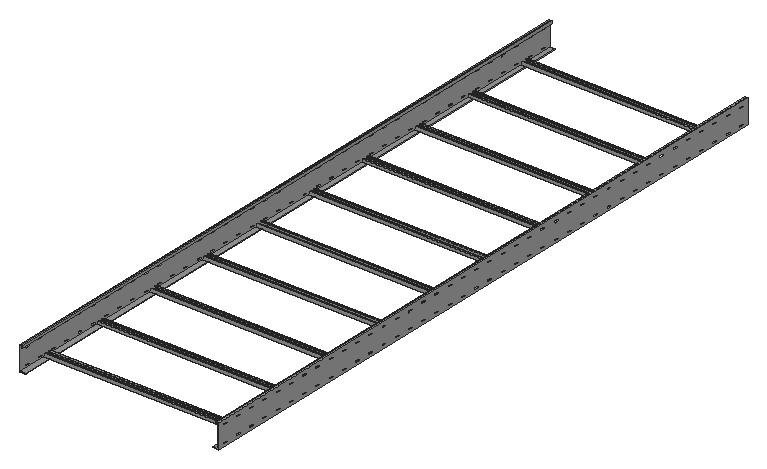
Revit family "Kabelleiter SCLS 1190 3 FTSO", category Generic Models, Revit 2017
Family settings
  Can host rebar = No
  Round Connector Dimension = Use Diameter
  Part Type = Normal
  Work Plane-Based = No
  Always vertical = Yes
  Cut with Voids When Loaded = No
  Shared = No
  Room Calculation Point = No
Parameters (values of type "SLCS 1190 3 FTSO")
  Width = 900 mm
  URL = "http://www.obo-bettermann.com"
  Material = Hot dip galvanised
  Manufacturer Art.No. = "7186414"
  Manufacturer = "OBO BETTERMANN"
  Length = 3000 mm
  GTIN = "4012196696963"
  Cut's number 3 = 10
  Cut's number 2 = 40
  Cut's number = 2
  Article Type = "SLCS 1190 3 FTSO"
Reference planes
  plane 1 "Center (Front/Back)": y = 0
  plane 2: z = 0
  plane 3 "Center (Left/Right)": x = 0
  plane 4: x = 800
  plane 5: x = 800
  plane 6: y = 3000
  plane 7: y = 150
  plane 8: z = 17
  plane 9: y = 135
  plane 10: y = 165
  plane 11: y = 450
  plane 12: z = 17
  plane 13: y = 435
  plane 14: y = 465
  plane 15: y = 750
  plane 16: z = 17
  plane 17: y = 735
  plane 18: y = 765
  plane 19: y = 1050
  plane 20: z = 17
  plane 21: y = 1035
  plane 22: y = 1065
  plane 23: y = 1350
  plane 24: z = 17
  plane 25: y = 1335
  plane 26: y = 1365
  plane 27: y = 1650
  plane 28: z = 17
  plane 29: y = 1635
  plane 30: y = 1665
  plane 31: y = 1950
  plane 32: z = 17
  plane 33: y = 1935
  plane 34: y = 1965
  plane 35: y = 2250
  plane 36: z = 17
  plane 37: y = 2235
  plane 38: y = 2265
  plane 39: y = 2550
  plane 40: z = 17
  plane 41: y = 2535
  plane 42: y = 2565
  plane 43: y = 2850
  plane 44: z = 17
  plane 45: y = 2835
  plane 46: y = 2865
  plane 47: y = 37.5
  plane 48: z = 14
  plane 49: y = 37.5
  plane 50: z = 89
  plane 51: y = 37.5
  plane 52: z = 14
  plane 53: y = 112.5
  plane 54: z = 14
  plane 55: y = 112.5
  plane 56: z = 89
  plane 57: y = 187.5
  plane 58: z = 14
  plane 59: y = 187.5
  plane 60: z = 89
  plane 61: y = 262.5
  plane 62: z = 14
  plane 63: y = 262.5
  plane 64: z = 89
  plane 65: y = 337.5
  plane 66: z = 14
  plane 67: y = 337.5
  plane 68: z = 89
  plane 69: y = 412.5
  plane 70: z = 14
  plane 71: y = 412.5
  plane 72: z = 89
  plane 73: y = 487.5
  plane 74: z = 14
  plane 75: y = 487.5
  plane 76: z = 89
  plane 77: y = 562.5
  plane 78: z = 14
  plane 79: y = 562.5
  plane 80: z = 89
  plane 81: y = 637.5
  plane 82: z = 14
  plane 83: y = 637.5
  plane 84: z = 89
  plane 85: y = 712.5
  plane 86: z = 14
  plane 87: y = 712.5
  plane 88: z = 89
  plane 89: y = 787.5
  plane 90: z = 14
  plane 91: y = 787.5
  plane 92: z = 89
  plane 93: y = 862.5
  plane 94: z = 14
  plane 95: y = 862.5
  plane 96: z = 89
  plane 97: y = 937.5
  plane 98: z = 14
  plane 99: y = 937.5
  plane 100: z = 89
  plane 101: y = 1012.5
  plane 102: z = 14
  plane 103: y = 1012.5
  plane 104: z = 89
  plane 105: y = 1087.5
  plane 106: z = 14
  plane 107: y = 1087.5
  plane 108: z = 89
  plane 109: y = 1162.5
  plane 110: z = 14
  plane 111: y = 1162.5
  plane 112: z = 89
  plane 113: y = 1237.5
  plane 114: z = 14
  plane 115: y = 1237.5
  plane 116: z = 89
  plane 117: y = 1312.5
  plane 118: z = 14
  plane 119: y = 1312.5
  plane 120: z = 89
  plane 121: y = 1387.5
  plane 122: z = 14
  plane 123: y = 1387.5
  plane 124: z = 89
  plane 125: y = 1462.5
  plane 126: z = 14
  plane 127: y = 1462.5
  plane 128: z = 89
  plane 129: y = 1537.5
  plane 130: z = 14
  plane 131: y = 1537.5
  plane 132: z = 89
  plane 133: y = 1612.5
  plane 134: z = 14
  plane 135: y = 1612.5
  plane 136: z = 89
  plane 137: y = 1687.5
  plane 138: z = 14
  plane 139: y = 1687.5
  plane 140: z = 89
  plane 141: y = 1762.5
  plane 142: z = 14
  plane 143: y = 1762.5
  plane 144: z = 89
  plane 145: y = 1837.5
  plane 146: z = 14
  plane 147: y = 1837.5
  plane 148: z = 89
  plane 149: y = 1912.5
  plane 150: z = 14
  plane 151: y = 1912.5
  plane 152: z = 89
  plane 153: y = 1987.5
  plane 154: z = 14
  plane 155: y = 1987.5
  plane 156: z = 89
  plane 157: y = 2062.5
  plane 158: z = 14
  plane 159: y = 2062.5
  plane 160: z = 89
  plane 161: y = 2137.5
  plane 162: z = 14
  plane 163: y = 2137.5
  plane 164: z = 89
  plane 165: y = 2212.5
  plane 166: z = 14
  plane 167: y = 2212.5
  plane 168: z = 89
  plane 169: y = 2287.5
  plane 170: z = 14
  plane 171: y = 2287.5
  plane 172: z = 89
  plane 173: y = 2362.5
  plane 174: z = 14
  plane 175: y = 2362.5
  plane 176: z = 89
  plane 177: y = 2437.5
  plane 178: z = 14
  plane 179: y = 2437.5
  plane 180: z = 89
  plane 181: y = 2512.5
  plane 182: z = 14
  plane 183: y = 2512.5
  plane 184: z = 89
  plane 185: y = 2587.5
  plane 186: z = 14
  plane 187: y = 2587.5
  plane 188: z = 89
  plane 189: y = 2662.5
  plane 190: z = 14
  plane 191: y = 2662.5
  plane 192: z = 89
  plane 193: y = 2737.5
  plane 194: z = 14
  plane 195: y = 2737.5
  plane 196: z = 89
  plane 197: y = 2812.5
  plane 198: z = 14
  plane 199: y = 2812.5
  plane 200: z = 89
  plane 201: y = 2887.5
  plane 202: z = 14
  plane 203: y = 2887.5
  plane 204: z = 89
  plane 205: y = 2962.5
  plane 206: z = 14
  plane 207: y = 2962.5
  plane 208: z = 89
  plane 209: y = 37.5
  plane 210: z = 14
  plane 211: y = 37.5
  plane 212: z = 89
  plane 213: y = 112.5
  plane 214: z = 14
  plane 215: y = 112.5
  plane 216: z = 89
  plane 217: y = 187.5
  plane 218: z = 14
  plane 219: y = 187.5
  plane 220: z = 89
  plane 221: y = 262.5
  plane 222: z = 14
  plane 223: y = 262.5
  plane 224: z = 89
  plane 225: y = 337.5
  plane 226: z = 14
  plane 227: y = 337.5
  plane 228: z = 89
  plane 229: y = 412.5
  plane 230: z = 14
  plane 231: y = 412.5
  plane 232: z = 89
  plane 233: y = 487.5
  plane 234: z = 14
  plane 235: y = 487.5
  plane 236: z = 89
  plane 237: y = 562.5
  plane 238: z = 14
  plane 239: y = 562.5
  plane 240: z = 89
  plane 241: y = 637.5
  plane 242: z = 14
  plane 243: y = 637.5
  plane 244: z = 89
  plane 245: y = 712.5
  plane 246: z = 14
  plane 247: y = 712.5
  plane 248: z = 89
  plane 249: y = 787.5
  plane 250: z = 14
  plane 251: y = 787.5
  plane 252: z = 89
  plane 253: y = 862.5
  plane 254: z = 14
  plane 255: y = 862.5
  plane 256: z = 89
  plane 257: y = 937.5
  plane 258: z = 14
  plane 259: y = 937.5
  plane 260: z = 89
  plane 261: y = 1012.5
  plane 262: z = 14
  plane 263: y = 1012.5
  plane 264: z = 89
  plane 265: y = 1087.5
  plane 266: z = 14
  plane 267: y = 1087.5
  plane 268: z = 89
  plane 269: y = 1162.5
  plane 270: z = 14
  plane 271: y = 1162.5
  plane 272: z = 89
  plane 273: y = 1237.5
  plane 274: z = 14
  plane 275: y = 1237.5
  plane 276: z = 89
  plane 277: y = 1312.5
  plane 278: z = 14
  plane 279: y = 1312.5
  plane 280: z = 89
  plane 281: y = 1387.5
  plane 282: z = 14
  plane 283: y = 1387.5
  plane 284: z = 89
  plane 285: y = 1462.5
  plane 286: z = 14
  plane 287: y = 1462.5
  plane 288: z = 89
  plane 289: y = 1537.5
  plane 290: z = 14
  plane 291: y = 1537.5
  plane 292: z = 89
  plane 293: y = 1612.5
  plane 294: z = 14
  plane 295: y = 1612.5
  plane 296: z = 89
  plane 297: y = 1687.5
  plane 298: z = 14
  plane 299: y = 1687.5
  plane 300: z = 89
  plane 301: y = 1762.5
  plane 302: z = 14
  plane 303: y = 1762.5
  plane 304: z = 89
  plane 305: y = 1837.5
  plane 306: z = 14
  plane 307: y = 1837.5
  plane 308: z = 89
  plane 309: y = 1912.5
  plane 310: z = 14
  plane 311: y = 1912.5
  plane 312: z = 89
  plane 313: y = 1987.5
  plane 314: z = 14
  plane 315: y = 1987.5
  plane 316: z = 89
  plane 317: y = 2062.5
  plane 318: z = 14
  plane 319: y = 2062.5
  plane 320: z = 89
  plane 321: y = 2137.5
  plane 322: z = 14
  plane 323: y = 2137.5
  plane 324: z = 89
  plane 325: y = 2212.5
  plane 326: z = 14
  plane 327: y = 2212.5
  plane 328: z = 89
  plane 329: y = 2287.5
  plane 330: z = 14
  plane 331: y = 2287.5
  plane 332: z = 89
  plane 333: y = 2362.5
  plane 334: z = 14
  plane 335: y = 2362.5
  plane 336: z = 89
  plane 337: y = 2437.5
  plane 338: z = 14
  plane 339: y = 2437.5
  plane 340: z = 89
  plane 341: y = 2512.5
  plane 342: z = 14
  plane 343: y = 2512.5
  plane 344: z = 89
  plane 345: y = 2587.5
  plane 346: z = 14
  plane 347: y = 2587.5
  plane 348: z = 89
  plane 349: y = 2662.5
  plane 350: z = 14
  plane 351: y = 2662.5
  plane 352: z = 89
  plane 353: y = 2737.5
  plane 354: z = 14
  plane 355: y = 2737.5
  plane 356: z = 89
  plane 357: y = 2812.5
  plane 358: z = 14
  plane 359: y = 2812.5
  plane 360: z = 89
  plane 361: y = 2887.5
  plane 362: z = 14
  plane 363: y = 2887.5
  plane 364: z = 89
  plane 365: y = 2962.5
  plane 366: z = 14
  plane 367: y = 2962.5
  plane 368: z = 89
Forms (mm)
  Extrusion 1, solid, material "Hot dip galvanised" <- "Material"
    sketch origin (0, 0, 0) x (1, 0, 0) y (0, 0, 1)
      loop
        line (0, 0) -> (26.996, 0) -> (26.996, 2) -> (2, 2) -> (2, 108) -> (9.993, 108) -> (9.993, 101) -> (11.993, 101) -> (11.993, 110) -> (0, 110) -> (0, 0)
      loop
        line (900, 0) -> (900, 110) -> (888, 110) -> (888, 101) -> (890, 101) -> (890, 108) -> (898, 108) -> (898, 2) -> (872.989, 2) -> (872.989, 0) -> (900, 0)
    from 0 to -3000
  Extrusion 2, solid, material "Hot dip galvanised" <- "Material"
    sketch origin (0, 0, 0) x (0, 1, 0) y (0, 0, 1)
      loop
        line (135, 2) -> (165, 2) -> (165, 17) -> (158.5, 17) -> (158.5, 15) -> (163, 15) -> (163, 4) -> (137, 4) -> (137, 15) -> (141.5, 15) -> (141.5, 17) -> (135, 17) -> (135, 2)
    from 2 to 898
  Extrusion 3, solid, material "Hot dip galvanised" <- "Material"
    sketch origin (0, 300, 0) x (0, 1, 0) y (0, 0, 1)
      loop
        line (135, 2) -> (165, 2) -> (165, 17) -> (158.5, 17) -> (158.5, 15) -> (163, 15) -> (163, 4) -> (137, 4) -> (137, 15) -> (141.5, 15) -> (141.5, 17) -> (135, 17) -> (135, 2)
    from 2 to 898
  Extrusion 4, solid, material "Hot dip galvanised" <- "Material"
    sketch origin (0, 600, 0) x (0, 1, 0) y (0, 0, 1)
      loop
        line (135, 2) -> (165, 2) -> (165, 17) -> (158.5, 17) -> (158.5, 15) -> (163, 15) -> (163, 4) -> (137, 4) -> (137, 15) -> (141.5, 15) -> (141.5, 17) -> (135, 17) -> (135, 2)
    from 2 to 898
  Extrusion 5, solid, material "Hot dip galvanised" <- "Material"
    sketch origin (0, 900, 0) x (0, 1, 0) y (0, 0, 1)
      loop
        line (135, 2) -> (165, 2) -> (165, 17) -> (158.5, 17) -> (158.5, 15) -> (163, 15) -> (163, 4) -> (137, 4) -> (137, 15) -> (141.5, 15) -> (141.5, 17) -> (135, 17) -> (135, 2)
    from 2 to 898
  Extrusion 6, solid, material "Hot dip galvanised" <- "Material"
    sketch origin (0, 1200, 0) x (0, 1, 0) y (0, 0, 1)
      loop
        line (135, 2) -> (165, 2) -> (165, 17) -> (158.5, 17) -> (158.5, 15) -> (163, 15) -> (163, 4) -> (137, 4) -> (137, 15) -> (141.5, 15) -> (141.5, 17) -> (135, 17) -> (135, 2)
    from 2 to 898
  Extrusion 7, solid, material "Hot dip galvanised" <- "Material"
    sketch origin (0, 1500, 0) x (0, 1, 0) y (0, 0, 1)
      loop
        line (135, 2) -> (165, 2) -> (165, 17) -> (158.5, 17) -> (158.5, 15) -> (163, 15) -> (163, 4) -> (137, 4) -> (137, 15) -> (141.5, 15) -> (141.5, 17) -> (135, 17) -> (135, 2)
    from 2 to 898
  Extrusion 8, solid, material "Hot dip galvanised" <- "Material"
    sketch origin (0, 1800, 0) x (0, 1, 0) y (0, 0, 1)
      loop
        line (135, 2) -> (165, 2) -> (165, 17) -> (158.5, 17) -> (158.5, 15) -> (163, 15) -> (163, 4) -> (137, 4) -> (137, 15) -> (141.5, 15) -> (141.5, 17) -> (135, 17) -> (135, 2)
    from 2 to 898
  Extrusion 9, solid, material "Hot dip galvanised" <- "Material"
    sketch origin (0, 2100, 0) x (0, 1, 0) y (0, 0, 1)
      loop
        line (135, 2) -> (165, 2) -> (165, 17) -> (158.5, 17) -> (158.5, 15) -> (163, 15) -> (163, 4) -> (137, 4) -> (137, 15) -> (141.5, 15) -> (141.5, 17) -> (135, 17) -> (135, 2)
    from 2 to 898
  Extrusion 10, solid, material "Hot dip galvanised" <- "Material"
    sketch origin (0, 2400, 0) x (0, 1, 0) y (0, 0, 1)
      loop
        line (135, 2) -> (165, 2) -> (165, 17) -> (158.5, 17) -> (158.5, 15) -> (163, 15) -> (163, 4) -> (137, 4) -> (137, 15) -> (141.5, 15) -> (141.5, 17) -> (135, 17) -> (135, 2)
    from 2 to 898
  Extrusion 11, solid, material "Hot dip galvanised" <- "Material"
    sketch origin (0, 2700, 0) x (0, 1, 0) y (0, 0, 1)
      loop
        line (135, 2) -> (165, 2) -> (165, 17) -> (158.5, 17) -> (158.5, 15) -> (163, 15) -> (163, 4) -> (137, 4) -> (137, 15) -> (141.5, 15) -> (141.5, 17) -> (135, 17) -> (135, 2)
    from 2 to 898
  Extrusion 12, void
    sketch origin (0, 0, 0) x (0, 1, 0) y (0, 0, 1)
      loop
        line (23.5, 18.5) -> (23.5, 9.5) -> (51.5, 9.5) -> (51.5, 18.5) -> (23.5, 18.5)
    from 0 to 2
  Extrusion 13, void
    sketch origin (0, 0, 75) x (0, 1, 0) y (0, 0, 1)
      loop
        line (23.5, 18.5) -> (23.5, 9.5) -> (51.5, 9.5) -> (51.5, 18.5) -> (23.5, 18.5)
    from 0 to 2
  Extrusion 14, void, not visible
    sketch origin (0, 0, 0) x (0, 1, 0) y (0, 0, 1)
      loop
        line (23.5, 18.5) -> (23.5, 9.5) -> (51.5, 9.5) -> (51.5, 18.5) -> (23.5, 18.5)
    from 0 to 2
  Extrusion 15, void
    sketch origin (0, 75, 0) x (0, 1, 0) y (0, 0, 1)
      loop
        line (23.5, 18.5) -> (23.5, 9.5) -> (51.5, 9.5) -> (51.5, 18.5) -> (23.5, 18.5)
    from 0 to 2
  Extrusion 16, void
    sketch origin (0, 75, 75) x (0, 1, 0) y (0, 0, 1)
      loop
        line (23.5, 18.5) -> (23.5, 9.5) -> (51.5, 9.5) -> (51.5, 18.5) -> (23.5, 18.5)
    from 0 to 2
  Extrusion 17, void
    sketch origin (0, 150, 0) x (0, 1, 0) y (0, 0, 1)
      loop
        line (23.5, 18.5) -> (23.5, 9.5) -> (51.5, 9.5) -> (51.5, 18.5) -> (23.5, 18.5)
    from 0 to 2
  Extrusion 18, void
    sketch origin (0, 150, 75) x (0, 1, 0) y (0, 0, 1)
      loop
        line (23.5, 18.5) -> (23.5, 9.5) -> (51.5, 9.5) -> (51.5, 18.5) -> (23.5, 18.5)
    from 0 to 2
  Extrusion 19, void
    sketch origin (0, 225, 0) x (0, 1, 0) y (0, 0, 1)
      loop
        line (23.5, 18.5) -> (23.5, 9.5) -> (51.5, 9.5) -> (51.5, 18.5) -> (23.5, 18.5)
    from 0 to 2
  Extrusion 20, void
    sketch origin (0, 225, 75) x (0, 1, 0) y (0, 0, 1)
      loop
        line (23.5, 18.5) -> (23.5, 9.5) -> (51.5, 9.5) -> (51.5, 18.5) -> (23.5, 18.5)
    from 0 to 2
  Extrusion 21, void
    sketch origin (0, 300, 0) x (0, 1, 0) y (0, 0, 1)
      loop
        line (23.5, 18.5) -> (23.5, 9.5) -> (51.5, 9.5) -> (51.5, 18.5) -> (23.5, 18.5)
    from 0 to 2
  Extrusion 22, void
    sketch origin (0, 300, 75) x (0, 1, 0) y (0, 0, 1)
      loop
        line (23.5, 18.5) -> (23.5, 9.5) -> (51.5, 9.5) -> (51.5, 18.5) -> (23.5, 18.5)
    from 0 to 2
  Extrusion 23, void
    sketch origin (0, 375, 0) x (0, 1, 0) y (0, 0, 1)
      loop
        line (23.5, 18.5) -> (23.5, 9.5) -> (51.5, 9.5) -> (51.5, 18.5) -> (23.5, 18.5)
    from 0 to 2
  Extrusion 24, void
    sketch origin (0, 375, 75) x (0, 1, 0) y (0, 0, 1)
      loop
        line (23.5, 18.5) -> (23.5, 9.5) -> (51.5, 9.5) -> (51.5, 18.5) -> (23.5, 18.5)
    from 0 to 2
  Extrusion 25, void
    sketch origin (0, 450, 0) x (0, 1, 0) y (0, 0, 1)
      loop
        line (23.5, 18.5) -> (23.5, 9.5) -> (51.5, 9.5) -> (51.5, 18.5) -> (23.5, 18.5)
    from 0 to 2
  Extrusion 26, void
    sketch origin (0, 450, 75) x (0, 1, 0) y (0, 0, 1)
      loop
        line (23.5, 18.5) -> (23.5, 9.5) -> (51.5, 9.5) -> (51.5, 18.5) -> (23.5, 18.5)
    from 0 to 2
  Extrusion 27, void
    sketch origin (0, 525, 0) x (0, 1, 0) y (0, 0, 1)
      loop
        line (23.5, 18.5) -> (23.5, 9.5) -> (51.5, 9.5) -> (51.5, 18.5) -> (23.5, 18.5)
    from 0 to 2
  Extrusion 28, void
    sketch origin (0, 525, 75) x (0, 1, 0) y (0, 0, 1)
      loop
        line (23.5, 18.5) -> (23.5, 9.5) -> (51.5, 9.5) -> (51.5, 18.5) -> (23.5, 18.5)
    from 0 to 2
  Extrusion 29, void
    sketch origin (0, 600, 0) x (0, 1, 0) y (0, 0, 1)
      loop
        line (23.5, 18.5) -> (23.5, 9.5) -> (51.5, 9.5) -> (51.5, 18.5) -> (23.5, 18.5)
    from 0 to 2
  Extrusion 30, void
    sketch origin (0, 600, 75) x (0, 1, 0) y (0, 0, 1)
      loop
        line (23.5, 18.5) -> (23.5, 9.5) -> (51.5, 9.5) -> (51.5, 18.5) -> (23.5, 18.5)
    from 0 to 2
  Extrusion 31, void
    sketch origin (0, 675, 0) x (0, 1, 0) y (0, 0, 1)
      loop
        line (23.5, 18.5) -> (23.5, 9.5) -> (51.5, 9.5) -> (51.5, 18.5) -> (23.5, 18.5)
    from 0 to 2
  Extrusion 32, void
    sketch origin (0, 675, 75) x (0, 1, 0) y (0, 0, 1)
      loop
        line (23.5, 18.5) -> (23.5, 9.5) -> (51.5, 9.5) -> (51.5, 18.5) -> (23.5, 18.5)
    from 0 to 2
  Extrusion 33, void
    sketch origin (0, 750, 0) x (0, 1, 0) y (0, 0, 1)
      loop
        line (23.5, 18.5) -> (23.5, 9.5) -> (51.5, 9.5) -> (51.5, 18.5) -> (23.5, 18.5)
    from 0 to 2
  Extrusion 34, void
    sketch origin (0, 750, 75) x (0, 1, 0) y (0, 0, 1)
      loop
        line (23.5, 18.5) -> (23.5, 9.5) -> (51.5, 9.5) -> (51.5, 18.5) -> (23.5, 18.5)
    from 0 to 2
  Extrusion 35, void
    sketch origin (0, 825, 0) x (0, 1, 0) y (0, 0, 1)
      loop
        line (23.5, 18.5) -> (23.5, 9.5) -> (51.5, 9.5) -> (51.5, 18.5) -> (23.5, 18.5)
    from 0 to 2
  Extrusion 36, void
    sketch origin (0, 825, 75) x (0, 1, 0) y (0, 0, 1)
      loop
        line (23.5, 18.5) -> (23.5, 9.5) -> (51.5, 9.5) -> (51.5, 18.5) -> (23.5, 18.5)
    from 0 to 2
  Extrusion 37, void
    sketch origin (0, 900, 0) x (0, 1, 0) y (0, 0, 1)
      loop
        line (23.5, 18.5) -> (23.5, 9.5) -> (51.5, 9.5) -> (51.5, 18.5) -> (23.5, 18.5)
    from 0 to 2
  Extrusion 38, void
    sketch origin (0, 900, 75) x (0, 1, 0) y (0, 0, 1)
      loop
        line (23.5, 18.5) -> (23.5, 9.5) -> (51.5, 9.5) -> (51.5, 18.5) -> (23.5, 18.5)
    from 0 to 2
  Extrusion 39, void
    sketch origin (0, 975, 0) x (0, 1, 0) y (0, 0, 1)
      loop
        line (23.5, 18.5) -> (23.5, 9.5) -> (51.5, 9.5) -> (51.5, 18.5) -> (23.5, 18.5)
    from 0 to 2
  Extrusion 40, void
    sketch origin (0, 975, 75) x (0, 1, 0) y (0, 0, 1)
      loop
        line (23.5, 18.5) -> (23.5, 9.5) -> (51.5, 9.5) -> (51.5, 18.5) -> (23.5, 18.5)
    from 0 to 2
  Extrusion 41, void
    sketch origin (0, 1050, 0) x (0, 1, 0) y (0, 0, 1)
      loop
        line (23.5, 18.5) -> (23.5, 9.5) -> (51.5, 9.5) -> (51.5, 18.5) -> (23.5, 18.5)
    from 0 to 2
  Extrusion 42, void
    sketch origin (0, 1050, 75) x (0, 1, 0) y (0, 0, 1)
      loop
        line (23.5, 18.5) -> (23.5, 9.5) -> (51.5, 9.5) -> (51.5, 18.5) -> (23.5, 18.5)
    from 0 to 2
  Extrusion 43, void
    sketch origin (0, 1125, 0) x (0, 1, 0) y (0, 0, 1)
      loop
        line (23.5, 18.5) -> (23.5, 9.5) -> (51.5, 9.5) -> (51.5, 18.5) -> (23.5, 18.5)
    from 0 to 2
  Extrusion 44, void
    sketch origin (0, 1125, 75) x (0, 1, 0) y (0, 0, 1)
      loop
        line (23.5, 18.5) -> (23.5, 9.5) -> (51.5, 9.5) -> (51.5, 18.5) -> (23.5, 18.5)
    from 0 to 2
  Extrusion 45, void
    sketch origin (0, 1200, 0) x (0, 1, 0) y (0, 0, 1)
      loop
        line (23.5, 18.5) -> (23.5, 9.5) -> (51.5, 9.5) -> (51.5, 18.5) -> (23.5, 18.5)
    from 0 to 2
  Extrusion 46, void
    sketch origin (0, 1200, 75) x (0, 1, 0) y (0, 0, 1)
      loop
        line (23.5, 18.5) -> (23.5, 9.5) -> (51.5, 9.5) -> (51.5, 18.5) -> (23.5, 18.5)
    from 0 to 2
  Extrusion 47, void
    sketch origin (0, 1275, 0) x (0, 1, 0) y (0, 0, 1)
      loop
        line (23.5, 18.5) -> (23.5, 9.5) -> (51.5, 9.5) -> (51.5, 18.5) -> (23.5, 18.5)
    from 0 to 2
  Extrusion 48, void
    sketch origin (0, 1275, 75) x (0, 1, 0) y (0, 0, 1)
      loop
        line (23.5, 18.5) -> (23.5, 9.5) -> (51.5, 9.5) -> (51.5, 18.5) -> (23.5, 18.5)
    from 0 to 2
  Extrusion 49, void
    sketch origin (0, 1350, 0) x (0, 1, 0) y (0, 0, 1)
      loop
        line (23.5, 18.5) -> (23.5, 9.5) -> (51.5, 9.5) -> (51.5, 18.5) -> (23.5, 18.5)
    from 0 to 2
  Extrusion 50, void
    sketch origin (0, 1350, 75) x (0, 1, 0) y (0, 0, 1)
      loop
        line (23.5, 18.5) -> (23.5, 9.5) -> (51.5, 9.5) -> (51.5, 18.5) -> (23.5, 18.5)
    from 0 to 2
  Extrusion 51, void
    sketch origin (0, 1425, 0) x (0, 1, 0) y (0, 0, 1)
      loop
        line (23.5, 18.5) -> (23.5, 9.5) -> (51.5, 9.5) -> (51.5, 18.5) -> (23.5, 18.5)
    from 0 to 2
  Extrusion 52, void
    sketch origin (0, 1425, 75) x (0, 1, 0) y (0, 0, 1)
      loop
        line (23.5, 18.5) -> (23.5, 9.5) -> (51.5, 9.5) -> (51.5, 18.5) -> (23.5, 18.5)
    from 0 to 2
  Extrusion 53, void
    sketch origin (0, 1500, 0) x (0, 1, 0) y (0, 0, 1)
      loop
        line (23.5, 18.5) -> (23.5, 9.5) -> (51.5, 9.5) -> (51.5, 18.5) -> (23.5, 18.5)
    from 0 to 2
  Extrusion 54, void
    sketch origin (0, 1500, 75) x (0, 1, 0) y (0, 0, 1)
      loop
        line (23.5, 18.5) -> (23.5, 9.5) -> (51.5, 9.5) -> (51.5, 18.5) -> (23.5, 18.5)
    from 0 to 2
  Extrusion 55, void
    sketch origin (0, 1575, 0) x (0, 1, 0) y (0, 0, 1)
      loop
        line (23.5, 18.5) -> (23.5, 9.5) -> (51.5, 9.5) -> (51.5, 18.5) -> (23.5, 18.5)
    from 0 to 2
  Extrusion 56, void
    sketch origin (0, 1575, 75) x (0, 1, 0) y (0, 0, 1)
      loop
        line (23.5, 18.5) -> (23.5, 9.5) -> (51.5, 9.5) -> (51.5, 18.5) -> (23.5, 18.5)
    from 0 to 2
  Extrusion 57, void
    sketch origin (0, 1650, 0) x (0, 1, 0) y (0, 0, 1)
      loop
        line (23.5, 18.5) -> (23.5, 9.5) -> (51.5, 9.5) -> (51.5, 18.5) -> (23.5, 18.5)
    from 0 to 2
  Extrusion 58, void
    sketch origin (0, 1650, 75) x (0, 1, 0) y (0, 0, 1)
      loop
        line (23.5, 18.5) -> (23.5, 9.5) -> (51.5, 9.5) -> (51.5, 18.5) -> (23.5, 18.5)
    from 0 to 2
  Extrusion 59, void
    sketch origin (0, 1725, 0) x (0, 1, 0) y (0, 0, 1)
      loop
        line (23.5, 18.5) -> (23.5, 9.5) -> (51.5, 9.5) -> (51.5, 18.5) -> (23.5, 18.5)
    from 0 to 2
  Extrusion 60, void
    sketch origin (0, 1725, 75) x (0, 1, 0) y (0, 0, 1)
      loop
        line (23.5, 18.5) -> (23.5, 9.5) -> (51.5, 9.5) -> (51.5, 18.5) -> (23.5, 18.5)
    from 0 to 2
  Extrusion 61, void
    sketch origin (0, 1800, 0) x (0, 1, 0) y (0, 0, 1)
      loop
        line (23.5, 18.5) -> (23.5, 9.5) -> (51.5, 9.5) -> (51.5, 18.5) -> (23.5, 18.5)
    from 0 to 2
  Extrusion 62, void
    sketch origin (0, 1800, 75) x (0, 1, 0) y (0, 0, 1)
      loop
        line (23.5, 18.5) -> (23.5, 9.5) -> (51.5, 9.5) -> (51.5, 18.5) -> (23.5, 18.5)
    from 0 to 2
  Extrusion 63, void
    sketch origin (0, 1875, 0) x (0, 1, 0) y (0, 0, 1)
      loop
        line (23.5, 18.5) -> (23.5, 9.5) -> (51.5, 9.5) -> (51.5, 18.5) -> (23.5, 18.5)
    from 0 to 2
  Extrusion 64, void
    sketch origin (0, 1875, 75) x (0, 1, 0) y (0, 0, 1)
      loop
        line (23.5, 18.5) -> (23.5, 9.5) -> (51.5, 9.5) -> (51.5, 18.5) -> (23.5, 18.5)
    from 0 to 2
  Extrusion 65, void
    sketch origin (0, 1950, 0) x (0, 1, 0) y (0, 0, 1)
      loop
        line (23.5, 18.5) -> (23.5, 9.5) -> (51.5, 9.5) -> (51.5, 18.5) -> (23.5, 18.5)
    from 0 to 2
  Extrusion 66, void
    sketch origin (0, 1950, 75) x (0, 1, 0) y (0, 0, 1)
      loop
        line (23.5, 18.5) -> (23.5, 9.5) -> (51.5, 9.5) -> (51.5, 18.5) -> (23.5, 18.5)
    from 0 to 2
  Extrusion 67, void
    sketch origin (0, 2025, 0) x (0, 1, 0) y (0, 0, 1)
      loop
        line (23.5, 18.5) -> (23.5, 9.5) -> (51.5, 9.5) -> (51.5, 18.5) -> (23.5, 18.5)
    from 0 to 2
  Extrusion 68, void
    sketch origin (0, 2025, 75) x (0, 1, 0) y (0, 0, 1)
      loop
        line (23.5, 18.5) -> (23.5, 9.5) -> (51.5, 9.5) -> (51.5, 18.5) -> (23.5, 18.5)
    from 0 to 2
  Extrusion 69, void
    sketch origin (0, 2100, 0) x (0, 1, 0) y (0, 0, 1)
      loop
        line (23.5, 18.5) -> (23.5, 9.5) -> (51.5, 9.5) -> (51.5, 18.5) -> (23.5, 18.5)
    from 0 to 2
  Extrusion 70, void
    sketch origin (0, 2100, 75) x (0, 1, 0) y (0, 0, 1)
      loop
        line (23.5, 18.5) -> (23.5, 9.5) -> (51.5, 9.5) -> (51.5, 18.5) -> (23.5, 18.5)
    from 0 to 2
  Extrusion 71, void
    sketch origin (0, 2175, 0) x (0, 1, 0) y (0, 0, 1)
      loop
        line (23.5, 18.5) -> (23.5, 9.5) -> (51.5, 9.5) -> (51.5, 18.5) -> (23.5, 18.5)
    from 0 to 2
  Extrusion 72, void
    sketch origin (0, 2175, 75) x (0, 1, 0) y (0, 0, 1)
      loop
        line (23.5, 18.5) -> (23.5, 9.5) -> (51.5, 9.5) -> (51.5, 18.5) -> (23.5, 18.5)
    from 0 to 2
  Extrusion 73, void
    sketch origin (0, 2250, 0) x (0, 1, 0) y (0, 0, 1)
      loop
        line (23.5, 18.5) -> (23.5, 9.5) -> (51.5, 9.5) -> (51.5, 18.5) -> (23.5, 18.5)
    from 0 to 2
  Extrusion 74, void
    sketch origin (0, 2250, 75) x (0, 1, 0) y (0, 0, 1)
      loop
        line (23.5, 18.5) -> (23.5, 9.5) -> (51.5, 9.5) -> (51.5, 18.5) -> (23.5, 18.5)
    from 0 to 2
  Extrusion 75, void
    sketch origin (0, 2325, 0) x (0, 1, 0) y (0, 0, 1)
      loop
        line (23.5, 18.5) -> (23.5, 9.5) -> (51.5, 9.5) -> (51.5, 18.5) -> (23.5, 18.5)
    from 0 to 2
  Extrusion 76, void
    sketch origin (0, 2325, 75) x (0, 1, 0) y (0, 0, 1)
      loop
        line (23.5, 18.5) -> (23.5, 9.5) -> (51.5, 9.5) -> (51.5, 18.5) -> (23.5, 18.5)
    from 0 to 2
  Extrusion 77, void
    sketch origin (0, 2400, 0) x (0, 1, 0) y (0, 0, 1)
      loop
        line (23.5, 18.5) -> (23.5, 9.5) -> (51.5, 9.5) -> (51.5, 18.5) -> (23.5, 18.5)
    from 0 to 2
  Extrusion 78, void
    sketch origin (0, 2400, 75) x (0, 1, 0) y (0, 0, 1)
      loop
        line (23.5, 18.5) -> (23.5, 9.5) -> (51.5, 9.5) -> (51.5, 18.5) -> (23.5, 18.5)
    from 0 to 2
  Extrusion 79, void
    sketch origin (0, 2475, 0) x (0, 1, 0) y (0, 0, 1)
      loop
        line (23.5, 18.5) -> (23.5, 9.5) -> (51.5, 9.5) -> (51.5, 18.5) -> (23.5, 18.5)
    from 0 to 2
  Extrusion 80, void
    sketch origin (0, 2475, 75) x (0, 1, 0) y (0, 0, 1)
      loop
        line (23.5, 18.5) -> (23.5, 9.5) -> (51.5, 9.5) -> (51.5, 18.5) -> (23.5, 18.5)
    from 0 to 2
  Extrusion 81, void
    sketch origin (0, 2550, 0) x (0, 1, 0) y (0, 0, 1)
      loop
        line (23.5, 18.5) -> (23.5, 9.5) -> (51.5, 9.5) -> (51.5, 18.5) -> (23.5, 18.5)
    from 0 to 2
  Extrusion 82, void
    sketch origin (0, 2550, 75) x (0, 1, 0) y (0, 0, 1)
      loop
        line (23.5, 18.5) -> (23.5, 9.5) -> (51.5, 9.5) -> (51.5, 18.5) -> (23.5, 18.5)
    from 0 to 2
  Extrusion 83, void
    sketch origin (0, 2625, 0) x (0, 1, 0) y (0, 0, 1)
      loop
        line (23.5, 18.5) -> (23.5, 9.5) -> (51.5, 9.5) -> (51.5, 18.5) -> (23.5, 18.5)
    from 0 to 2
  Extrusion 84, void
    sketch origin (0, 2625, 75) x (0, 1, 0) y (0, 0, 1)
      loop
        line (23.5, 18.5) -> (23.5, 9.5) -> (51.5, 9.5) -> (51.5, 18.5) -> (23.5, 18.5)
    from 0 to 2
  Extrusion 85, void
    sketch origin (0, 2700, 0) x (0, 1, 0) y (0, 0, 1)
      loop
        line (23.5, 18.5) -> (23.5, 9.5) -> (51.5, 9.5) -> (51.5, 18.5) -> (23.5, 18.5)
    from 0 to 2
  Extrusion 86, void
    sketch origin (0, 2700, 75) x (0, 1, 0) y (0, 0, 1)
      loop
        line (23.5, 18.5) -> (23.5, 9.5) -> (51.5, 9.5) -> (51.5, 18.5) -> (23.5, 18.5)
    from 0 to 2
  Extrusion 87, void
    sketch origin (0, 2775, 0) x (0, 1, 0) y (0, 0, 1)
      loop
        line (23.5, 18.5) -> (23.5, 9.5) -> (51.5, 9.5) -> (51.5, 18.5) -> (23.5, 18.5)
    from 0 to 2
  Extrusion 88, void
    sketch origin (0, 2775, 75) x (0, 1, 0) y (0, 0, 1)
      loop
        line (23.5, 18.5) -> (23.5, 9.5) -> (51.5, 9.5) -> (51.5, 18.5) -> (23.5, 18.5)
    from 0 to 2
  Extrusion 89, void
    sketch origin (0, 2850, 0) x (0, 1, 0) y (0, 0, 1)
      loop
        line (23.5, 18.5) -> (23.5, 9.5) -> (51.5, 9.5) -> (51.5, 18.5) -> (23.5, 18.5)
    from 0 to 2
  Extrusion 90, void
    sketch origin (0, 2850, 75) x (0, 1, 0) y (0, 0, 1)
      loop
        line (23.5, 18.5) -> (23.5, 9.5) -> (51.5, 9.5) -> (51.5, 18.5) -> (23.5, 18.5)
    from 0 to 2
  Extrusion 91, void
    sketch origin (0, 2925, 0) x (0, 1, 0) y (0, 0, 1)
      loop
        line (23.5, 18.5) -> (23.5, 9.5) -> (51.5, 9.5) -> (51.5, 18.5) -> (23.5, 18.5)
    from 0 to 2
  Extrusion 92, void
    sketch origin (0, 2925, 75) x (0, 1, 0) y (0, 0, 1)
      loop
        line (23.5, 18.5) -> (23.5, 9.5) -> (51.5, 9.5) -> (51.5, 18.5) -> (23.5, 18.5)
    from 0 to 2
  Extrusion 93, void
    sketch origin (0, 0, 0) x (0, 1, 0) y (0, 0, 1)
      loop
        line (23.5, 18.5) -> (23.5, 9.5) -> (51.5, 9.5) -> (51.5, 18.5) -> (23.5, 18.5)
    from 898 to 900
  Extrusion 94, void
    sketch origin (0, 0, 75) x (0, 1, 0) y (0, 0, 1)
      loop
        line (23.5, 18.5) -> (23.5, 9.5) -> (51.5, 9.5) -> (51.5, 18.5) -> (23.5, 18.5)
    from 898 to 900
  Extrusion 95, void
    sketch origin (0, 75, 0) x (0, 1, 0) y (0, 0, 1)
      loop
        line (23.5, 18.5) -> (23.5, 9.5) -> (51.5, 9.5) -> (51.5, 18.5) -> (23.5, 18.5)
    from 898 to 900
  Extrusion 96, void
    sketch origin (0, 75, 75) x (0, 1, 0) y (0, 0, 1)
      loop
        line (23.5, 18.5) -> (23.5, 9.5) -> (51.5, 9.5) -> (51.5, 18.5) -> (23.5, 18.5)
    from 898 to 900
  Extrusion 97, void
    sketch origin (0, 150, 0) x (0, 1, 0) y (0, 0, 1)
      loop
        line (23.5, 18.5) -> (23.5, 9.5) -> (51.5, 9.5) -> (51.5, 18.5) -> (23.5, 18.5)
    from 898 to 900
  Extrusion 98, void
    sketch origin (0, 150, 75) x (0, 1, 0) y (0, 0, 1)
      loop
        line (23.5, 18.5) -> (23.5, 9.5) -> (51.5, 9.5) -> (51.5, 18.5) -> (23.5, 18.5)
    from 898 to 900
  Extrusion 99, void
    sketch origin (0, 225, 0) x (0, 1, 0) y (0, 0, 1)
      loop
        line (23.5, 18.5) -> (23.5, 9.5) -> (51.5, 9.5) -> (51.5, 18.5) -> (23.5, 18.5)
    from 898 to 900
  Extrusion 100, void
    sketch origin (0, 225, 75) x (0, 1, 0) y (0, 0, 1)
      loop
        line (23.5, 18.5) -> (23.5, 9.5) -> (51.5, 9.5) -> (51.5, 18.5) -> (23.5, 18.5)
    from 898 to 900
  Extrusion 101, void
    sketch origin (0, 300, 0) x (0, 1, 0) y (0, 0, 1)
      loop
        line (23.5, 18.5) -> (23.5, 9.5) -> (51.5, 9.5) -> (51.5, 18.5) -> (23.5, 18.5)
    from 898 to 900
  Extrusion 102, void
    sketch origin (0, 300, 75) x (0, 1, 0) y (0, 0, 1)
      loop
        line (23.5, 18.5) -> (23.5, 9.5) -> (51.5, 9.5) -> (51.5, 18.5) -> (23.5, 18.5)
    from 898 to 900
  Extrusion 103, void
    sketch origin (0, 375, 0) x (0, 1, 0) y (0, 0, 1)
      loop
        line (23.5, 18.5) -> (23.5, 9.5) -> (51.5, 9.5) -> (51.5, 18.5) -> (23.5, 18.5)
    from 898 to 900
  Extrusion 104, void
    sketch origin (0, 375, 75) x (0, 1, 0) y (0, 0, 1)
      loop
        line (23.5, 18.5) -> (23.5, 9.5) -> (51.5, 9.5) -> (51.5, 18.5) -> (23.5, 18.5)
    from 898 to 900
  Extrusion 105, void
    sketch origin (0, 450, 0) x (0, 1, 0) y (0, 0, 1)
      loop
        line (23.5, 18.5) -> (23.5, 9.5) -> (51.5, 9.5) -> (51.5, 18.5) -> (23.5, 18.5)
    from 898 to 900
  Extrusion 106, void
    sketch origin (0, 450, 75) x (0, 1, 0) y (0, 0, 1)
      loop
        line (23.5, 18.5) -> (23.5, 9.5) -> (51.5, 9.5) -> (51.5, 18.5) -> (23.5, 18.5)
    from 898 to 900
  Extrusion 107, void
    sketch origin (0, 525, 0) x (0, 1, 0) y (0, 0, 1)
      loop
        line (23.5, 18.5) -> (23.5, 9.5) -> (51.5, 9.5) -> (51.5, 18.5) -> (23.5, 18.5)
    from 898 to 900
  Extrusion 108, void
    sketch origin (0, 525, 75) x (0, 1, 0) y (0, 0, 1)
      loop
        line (23.5, 18.5) -> (23.5, 9.5) -> (51.5, 9.5) -> (51.5, 18.5) -> (23.5, 18.5)
    from 898 to 900
  Extrusion 109, void
    sketch origin (0, 600, 0) x (0, 1, 0) y (0, 0, 1)
      loop
        line (23.5, 18.5) -> (23.5, 9.5) -> (51.5, 9.5) -> (51.5, 18.5) -> (23.5, 18.5)
    from 898 to 900
  Extrusion 110, void
    sketch origin (0, 600, 75) x (0, 1, 0) y (0, 0, 1)
      loop
        line (23.5, 18.5) -> (23.5, 9.5) -> (51.5, 9.5) -> (51.5, 18.5) -> (23.5, 18.5)
    from 898 to 900
  Extrusion 111, void
    sketch origin (0, 675, 0) x (0, 1, 0) y (0, 0, 1)
      loop
        line (23.5, 18.5) -> (23.5, 9.5) -> (51.5, 9.5) -> (51.5, 18.5) -> (23.5, 18.5)
    from 898 to 900
  Extrusion 112, void
    sketch origin (0, 675, 75) x (0, 1, 0) y (0, 0, 1)
      loop
        line (23.5, 18.5) -> (23.5, 9.5) -> (51.5, 9.5) -> (51.5, 18.5) -> (23.5, 18.5)
    from 898 to 900
  Extrusion 113, void
    sketch origin (0, 750, 0) x (0, 1, 0) y (0, 0, 1)
      loop
        line (23.5, 18.5) -> (23.5, 9.5) -> (51.5, 9.5) -> (51.5, 18.5) -> (23.5, 18.5)
    from 898 to 900
  Extrusion 114, void
    sketch origin (0, 750, 75) x (0, 1, 0) y (0, 0, 1)
      loop
        line (23.5, 18.5) -> (23.5, 9.5) -> (51.5, 9.5) -> (51.5, 18.5) -> (23.5, 18.5)
    from 898 to 900
  Extrusion 115, void
    sketch origin (0, 825, 0) x (0, 1, 0) y (0, 0, 1)
      loop
        line (23.5, 18.5) -> (23.5, 9.5) -> (51.5, 9.5) -> (51.5, 18.5) -> (23.5, 18.5)
    from 898 to 900
  Extrusion 116, void
    sketch origin (0, 825, 75) x (0, 1, 0) y (0, 0, 1)
      loop
        line (23.5, 18.5) -> (23.5, 9.5) -> (51.5, 9.5) -> (51.5, 18.5) -> (23.5, 18.5)
    from 898 to 900
  Extrusion 117, void
    sketch origin (0, 900, 0) x (0, 1, 0) y (0, 0, 1)
      loop
        line (23.5, 18.5) -> (23.5, 9.5) -> (51.5, 9.5) -> (51.5, 18.5) -> (23.5, 18.5)
    from 898 to 900
  Extrusion 118, void
    sketch origin (0, 900, 75) x (0, 1, 0) y (0, 0, 1)
      loop
        line (23.5, 18.5) -> (23.5, 9.5) -> (51.5, 9.5) -> (51.5, 18.5) -> (23.5, 18.5)
    from 898 to 900
  Extrusion 119, void
    sketch origin (0, 975, 0) x (0, 1, 0) y (0, 0, 1)
      loop
        line (23.5, 18.5) -> (23.5, 9.5) -> (51.5, 9.5) -> (51.5, 18.5) -> (23.5, 18.5)
    from 898 to 900
  Extrusion 120, void
    sketch origin (0, 975, 75) x (0, 1, 0) y (0, 0, 1)
      loop
        line (23.5, 18.5) -> (23.5, 9.5) -> (51.5, 9.5) -> (51.5, 18.5) -> (23.5, 18.5)
    from 898 to 900
  Extrusion 121, void
    sketch origin (0, 1050, 0) x (0, 1, 0) y (0, 0, 1)
      loop
        line (23.5, 18.5) -> (23.5, 9.5) -> (51.5, 9.5) -> (51.5, 18.5) -> (23.5, 18.5)
    from 898 to 900
  Extrusion 122, void
    sketch origin (0, 1050, 75) x (0, 1, 0) y (0, 0, 1)
      loop
        line (23.5, 18.5) -> (23.5, 9.5) -> (51.5, 9.5) -> (51.5, 18.5) -> (23.5, 18.5)
    from 898 to 900
  Extrusion 123, void
    sketch origin (0, 1125, 0) x (0, 1, 0) y (0, 0, 1)
      loop
        line (23.5, 18.5) -> (23.5, 9.5) -> (51.5, 9.5) -> (51.5, 18.5) -> (23.5, 18.5)
    from 898 to 900
  Extrusion 124, void
    sketch origin (0, 1125, 75) x (0, 1, 0) y (0, 0, 1)
      loop
        line (23.5, 18.5) -> (23.5, 9.5) -> (51.5, 9.5) -> (51.5, 18.5) -> (23.5, 18.5)
    from 898 to 900
  Extrusion 125, void
    sketch origin (0, 1200, 0) x (0, 1, 0) y (0, 0, 1)
      loop
        line (23.5, 18.5) -> (23.5, 9.5) -> (51.5, 9.5) -> (51.5, 18.5) -> (23.5, 18.5)
    from 898 to 900
  Extrusion 126, void
    sketch origin (0, 1200, 75) x (0, 1, 0) y (0, 0, 1)
      loop
        line (23.5, 18.5) -> (23.5, 9.5) -> (51.5, 9.5) -> (51.5, 18.5) -> (23.5, 18.5)
    from 898 to 900
  Extrusion 127, void
    sketch origin (0, 1275, 0) x (0, 1, 0) y (0, 0, 1)
      loop
        line (23.5, 18.5) -> (23.5, 9.5) -> (51.5, 9.5) -> (51.5, 18.5) -> (23.5, 18.5)
    from 898 to 900
  Extrusion 128, void
    sketch origin (0, 1275, 75) x (0, 1, 0) y (0, 0, 1)
      loop
        line (23.5, 18.5) -> (23.5, 9.5) -> (51.5, 9.5) -> (51.5, 18.5) -> (23.5, 18.5)
    from 898 to 900
  Extrusion 129, void
    sketch origin (0, 1350, 0) x (0, 1, 0) y (0, 0, 1)
      loop
        line (23.5, 18.5) -> (23.5, 9.5) -> (51.5, 9.5) -> (51.5, 18.5) -> (23.5, 18.5)
    from 898 to 900
  Extrusion 130, void
    sketch origin (0, 1350, 75) x (0, 1, 0) y (0, 0, 1)
      loop
        line (23.5, 18.5) -> (23.5, 9.5) -> (51.5, 9.5) -> (51.5, 18.5) -> (23.5, 18.5)
    from 898 to 900
  Extrusion 131, void
    sketch origin (0, 1425, 0) x (0, 1, 0) y (0, 0, 1)
      loop
        line (23.5, 18.5) -> (23.5, 9.5) -> (51.5, 9.5) -> (51.5, 18.5) -> (23.5, 18.5)
    from 898 to 900
  Extrusion 132, void
    sketch origin (0, 1425, 75) x (0, 1, 0) y (0, 0, 1)
      loop
        line (23.5, 18.5) -> (23.5, 9.5) -> (51.5, 9.5) -> (51.5, 18.5) -> (23.5, 18.5)
    from 898 to 900
  Extrusion 133, void
    sketch origin (0, 1500, 0) x (0, 1, 0) y (0, 0, 1)
      loop
        line (23.5, 18.5) -> (23.5, 9.5) -> (51.5, 9.5) -> (51.5, 18.5) -> (23.5, 18.5)
    from 898 to 900
  Extrusion 134, void
    sketch origin (0, 1500, 75) x (0, 1, 0) y (0, 0, 1)
      loop
        line (23.5, 18.5) -> (23.5, 9.5) -> (51.5, 9.5) -> (51.5, 18.5) -> (23.5, 18.5)
    from 898 to 900
  Extrusion 135, void
    sketch origin (0, 1575, 0) x (0, 1, 0) y (0, 0, 1)
      loop
        line (23.5, 18.5) -> (23.5, 9.5) -> (51.5, 9.5) -> (51.5, 18.5) -> (23.5, 18.5)
    from 898 to 900
  Extrusion 136, void
    sketch origin (0, 1575, 75) x (0, 1, 0) y (0, 0, 1)
      loop
        line (23.5, 18.5) -> (23.5, 9.5) -> (51.5, 9.5) -> (51.5, 18.5) -> (23.5, 18.5)
    from 898 to 900
  Extrusion 137, void
    sketch origin (0, 1650, 0) x (0, 1, 0) y (0, 0, 1)
      loop
        line (23.5, 18.5) -> (23.5, 9.5) -> (51.5, 9.5) -> (51.5, 18.5) -> (23.5, 18.5)
    from 898 to 900
  Extrusion 138, void
    sketch origin (0, 1650, 75) x (0, 1, 0) y (0, 0, 1)
      loop
        line (23.5, 18.5) -> (23.5, 9.5) -> (51.5, 9.5) -> (51.5, 18.5) -> (23.5, 18.5)
    from 898 to 900
  Extrusion 139, void
    sketch origin (0, 1725, 0) x (0, 1, 0) y (0, 0, 1)
      loop
        line (23.5, 18.5) -> (23.5, 9.5) -> (51.5, 9.5) -> (51.5, 18.5) -> (23.5, 18.5)
    from 898 to 900
  Extrusion 140, void
    sketch origin (0, 1725, 75) x (0, 1, 0) y (0, 0, 1)
      loop
        line (23.5, 18.5) -> (23.5, 9.5) -> (51.5, 9.5) -> (51.5, 18.5) -> (23.5, 18.5)
    from 898 to 900
  Extrusion 141, void
    sketch origin (0, 1800, 0) x (0, 1, 0) y (0, 0, 1)
      loop
        line (23.5, 18.5) -> (23.5, 9.5) -> (51.5, 9.5) -> (51.5, 18.5) -> (23.5, 18.5)
    from 898 to 900
  Extrusion 142, void
    sketch origin (0, 1800, 75) x (0, 1, 0) y (0, 0, 1)
      loop
        line (23.5, 18.5) -> (23.5, 9.5) -> (51.5, 9.5) -> (51.5, 18.5) -> (23.5, 18.5)
    from 898 to 900
  Extrusion 143, void
    sketch origin (0, 1875, 0) x (0, 1, 0) y (0, 0, 1)
      loop
        line (23.5, 18.5) -> (23.5, 9.5) -> (51.5, 9.5) -> (51.5, 18.5) -> (23.5, 18.5)
    from 898 to 900
  Extrusion 144, void
    sketch origin (0, 1875, 75) x (0, 1, 0) y (0, 0, 1)
      loop
        line (23.5, 18.5) -> (23.5, 9.5) -> (51.5, 9.5) -> (51.5, 18.5) -> (23.5, 18.5)
    from 898 to 900
  Extrusion 145, void
    sketch origin (0, 1950, 0) x (0, 1, 0) y (0, 0, 1)
      loop
        line (23.5, 18.5) -> (23.5, 9.5) -> (51.5, 9.5) -> (51.5, 18.5) -> (23.5, 18.5)
    from 898 to 900
  Extrusion 146, void
    sketch origin (0, 1950, 75) x (0, 1, 0) y (0, 0, 1)
      loop
        line (23.5, 18.5) -> (23.5, 9.5) -> (51.5, 9.5) -> (51.5, 18.5) -> (23.5, 18.5)
    from 898 to 900
  Extrusion 147, void
    sketch origin (0, 2025, 0) x (0, 1, 0) y (0, 0, 1)
      loop
        line (23.5, 18.5) -> (23.5, 9.5) -> (51.5, 9.5) -> (51.5, 18.5) -> (23.5, 18.5)
    from 898 to 900
  Extrusion 148, void
    sketch origin (0, 2025, 75) x (0, 1, 0) y (0, 0, 1)
      loop
        line (23.5, 18.5) -> (23.5, 9.5) -> (51.5, 9.5) -> (51.5, 18.5) -> (23.5, 18.5)
    from 898 to 900
  Extrusion 149, void
    sketch origin (0, 2100, 0) x (0, 1, 0) y (0, 0, 1)
      loop
        line (23.5, 18.5) -> (23.5, 9.5) -> (51.5, 9.5) -> (51.5, 18.5) -> (23.5, 18.5)
    from 898 to 900
  Extrusion 150, void
    sketch origin (0, 2100, 75) x (0, 1, 0) y (0, 0, 1)
      loop
        line (23.5, 18.5) -> (23.5, 9.5) -> (51.5, 9.5) -> (51.5, 18.5) -> (23.5, 18.5)
    from 898 to 900
  Extrusion 151, void
    sketch origin (0, 2175, 0) x (0, 1, 0) y (0, 0, 1)
      loop
        line (23.5, 18.5) -> (23.5, 9.5) -> (51.5, 9.5) -> (51.5, 18.5) -> (23.5, 18.5)
    from 898 to 900
  Extrusion 152, void
    sketch origin (0, 2175, 75) x (0, 1, 0) y (0, 0, 1)
      loop
        line (23.5, 18.5) -> (23.5, 9.5) -> (51.5, 9.5) -> (51.5, 18.5) -> (23.5, 18.5)
    from 898 to 900
  Extrusion 153, void
    sketch origin (0, 2250, 0) x (0, 1, 0) y (0, 0, 1)
      loop
        line (23.5, 18.5) -> (23.5, 9.5) -> (51.5, 9.5) -> (51.5, 18.5) -> (23.5, 18.5)
    from 898 to 900
  Extrusion 154, void
    sketch origin (0, 2250, 75) x (0, 1, 0) y (0, 0, 1)
      loop
        line (23.5, 18.5) -> (23.5, 9.5) -> (51.5, 9.5) -> (51.5, 18.5) -> (23.5, 18.5)
    from 898 to 900
  Extrusion 155, void
    sketch origin (0, 2325, 0) x (0, 1, 0) y (0, 0, 1)
      loop
        line (23.5, 18.5) -> (23.5, 9.5) -> (51.5, 9.5) -> (51.5, 18.5) -> (23.5, 18.5)
    from 898 to 900
  Extrusion 156, void
    sketch origin (0, 2325, 75) x (0, 1, 0) y (0, 0, 1)
      loop
        line (23.5, 18.5) -> (23.5, 9.5) -> (51.5, 9.5) -> (51.5, 18.5) -> (23.5, 18.5)
    from 898 to 900
  Extrusion 157, void
    sketch origin (0, 2400, 0) x (0, 1, 0) y (0, 0, 1)
      loop
        line (23.5, 18.5) -> (23.5, 9.5) -> (51.5, 9.5) -> (51.5, 18.5) -> (23.5, 18.5)
    from 898 to 900
  Extrusion 158, void
    sketch origin (0, 2400, 75) x (0, 1, 0) y (0, 0, 1)
      loop
        line (23.5, 18.5) -> (23.5, 9.5) -> (51.5, 9.5) -> (51.5, 18.5) -> (23.5, 18.5)
    from 898 to 900
  Extrusion 159, void
    sketch origin (0, 2475, 0) x (0, 1, 0) y (0, 0, 1)
      loop
        line (23.5, 18.5) -> (23.5, 9.5) -> (51.5, 9.5) -> (51.5, 18.5) -> (23.5, 18.5)
    from 898 to 900
  Extrusion 160, void
    sketch origin (0, 2475, 75) x (0, 1, 0) y (0, 0, 1)
      loop
        line (23.5, 18.5) -> (23.5, 9.5) -> (51.5, 9.5) -> (51.5, 18.5) -> (23.5, 18.5)
    from 898 to 900
  Extrusion 161, void
    sketch origin (0, 2550, 0) x (0, 1, 0) y (0, 0, 1)
      loop
        line (23.5, 18.5) -> (23.5, 9.5) -> (51.5, 9.5) -> (51.5, 18.5) -> (23.5, 18.5)
    from 898 to 900
  Extrusion 162, void
    sketch origin (0, 2550, 75) x (0, 1, 0) y (0, 0, 1)
      loop
        line (23.5, 18.5) -> (23.5, 9.5) -> (51.5, 9.5) -> (51.5, 18.5) -> (23.5, 18.5)
    from 898 to 900
  Extrusion 163, void
    sketch origin (0, 2625, 0) x (0, 1, 0) y (0, 0, 1)
      loop
        line (23.5, 18.5) -> (23.5, 9.5) -> (51.5, 9.5) -> (51.5, 18.5) -> (23.5, 18.5)
    from 898 to 900
  Extrusion 164, void
    sketch origin (0, 2625, 75) x (0, 1, 0) y (0, 0, 1)
      loop
        line (23.5, 18.5) -> (23.5, 9.5) -> (51.5, 9.5) -> (51.5, 18.5) -> (23.5, 18.5)
    from 898 to 900
  Extrusion 165, void
    sketch origin (0, 2700, 0) x (0, 1, 0) y (0, 0, 1)
      loop
        line (23.5, 18.5) -> (23.5, 9.5) -> (51.5, 9.5) -> (51.5, 18.5) -> (23.5, 18.5)
    from 898 to 900
  Extrusion 166, void
    sketch origin (0, 2700, 75) x (0, 1, 0) y (0, 0, 1)
      loop
        line (23.5, 18.5) -> (23.5, 9.5) -> (51.5, 9.5) -> (51.5, 18.5) -> (23.5, 18.5)
    from 898 to 900
  Extrusion 167, void
    sketch origin (0, 2775, 0) x (0, 1, 0) y (0, 0, 1)
      loop
        line (23.5, 18.5) -> (23.5, 9.5) -> (51.5, 9.5) -> (51.5, 18.5) -> (23.5, 18.5)
    from 898 to 900
  Extrusion 168, void
    sketch origin (0, 2775, 75) x (0, 1, 0) y (0, 0, 1)
      loop
        line (23.5, 18.5) -> (23.5, 9.5) -> (51.5, 9.5) -> (51.5, 18.5) -> (23.5, 18.5)
    from 898 to 900
  Extrusion 169, void
    sketch origin (0, 2850, 0) x (0, 1, 0) y (0, 0, 1)
      loop
        line (23.5, 18.5) -> (23.5, 9.5) -> (51.5, 9.5) -> (51.5, 18.5) -> (23.5, 18.5)
    from 898 to 900
  Extrusion 170, void
    sketch origin (0, 2850, 75) x (0, 1, 0) y (0, 0, 1)
      loop
        line (23.5, 18.5) -> (23.5, 9.5) -> (51.5, 9.5) -> (51.5, 18.5) -> (23.5, 18.5)
    from 898 to 900
  Extrusion 171, void
    sketch origin (0, 2925, 0) x (0, 1, 0) y (0, 0, 1)
      loop
        line (23.5, 18.5) -> (23.5, 9.5) -> (51.5, 9.5) -> (51.5, 18.5) -> (23.5, 18.5)
    from 898 to 900
  Extrusion 172, void
    sketch origin (0, 2925, 75) x (0, 1, 0) y (0, 0, 1)
      loop
        line (23.5, 18.5) -> (23.5, 9.5) -> (51.5, 9.5) -> (51.5, 18.5) -> (23.5, 18.5)
    from 898 to 900
Cuts and joins
  Extrusion 12, Extrusion 13, Extrusion 15, Extrusion 16, Extrusion 17, Extrusion 18, Extrusion 19, Extrusion 20, Extrusion 21, Extrusion 22, Extrusion 23, Extrusion 24, Extrusion 25, Extrusion 26, Extrusion 27, Extrusion 28, Extrusion 29, Extrusion 30, Extrusion 31, Extrusion 32, Extrusion 33, Extrusion 34, Extrusion 35, Extrusion 36, Extrusion 37, Extrusion 38, Extrusion 39, Extrusion 40, Extrusion 41, Extrusion 42, Extrusion 43, Extrusion 44, Extrusion 45, Extrusion 46, Extrusion 47, Extrusion 48, Extrusion 49, Extrusion 50, Extrusion 51, Extrusion 52, Extrusion 53, Extrusion 54, Extrusion 55, Extrusion 56, Extrusion 57, Extrusion 58, Extrusion 59, Extrusion 60, Extrusion 61, Extrusion 62, Extrusion 63, Extrusion 64, Extrusion 65, Extrusion 66, Extrusion 67, Extrusion 68, Extrusion 69, Extrusion 70, Extrusion 71, Extrusion 72, Extrusion 73, Extrusion 74, Extrusion 75, Extrusion 76, Extrusion 77, Extrusion 78, Extrusion 79, Extrusion 80, Extrusion 81, Extrusion 82, Extrusion 83, Extrusion 84, Extrusion 85, Extrusion 86, Extrusion 87, Extrusion 88, Extrusion 89, Extrusion 90, Extrusion 91, Extrusion 92, Extrusion 93, Extrusion 94, Extrusion 95, Extrusion 96, Extrusion 97, Extrusion 98, Extrusion 99, Extrusion 100, Extrusion 101, Extrusion 102, Extrusion 103, Extrusion 104, Extrusion 105, Extrusion 106, Extrusion 107, Extrusion 108, Extrusion 109, Extrusion 110, Extrusion 111, Extrusion 112, Extrusion 113, Extrusion 114, Extrusion 115, Extrusion 116, Extrusion 117, Extrusion 118, Extrusion 119, Extrusion 120, Extrusion 121, Extrusion 122, Extrusion 123, Extrusion 124, Extrusion 125, Extrusion 126, Extrusion 127, Extrusion 128, Extrusion 129, Extrusion 130, Extrusion 131, Extrusion 132, Extrusion 133, Extrusion 134, Extrusion 135, Extrusion 136, Extrusion 137, Extrusion 138, Extrusion 139, Extrusion 140, Extrusion 141, Extrusion 142, Extrusion 143, Extrusion 144, Extrusion 145, Extrusion 146, Extrusion 147, Extrusion 148, Extrusion 149, Extrusion 150, Extrusion 151, Extrusion 152, Extrusion 153, Extrusion 154, Extrusion 155, Extrusion 156, Extrusion 157, Extrusion 158, Extrusion 159, Extrusion 160, Extrusion 161, Extrusion 162, Extrusion 163, Extrusion 164, Extrusion 165, Extrusion 166, Extrusion 167, Extrusion 168, Extrusion 169, Extrusion 170, Extrusion 171, Extrusion 172 cuts Extrusion 1
Dimensions and locks
  locked: Extrusion 1 sketch curve to Extrusion 1 sketch curve at 26.996
  locked: Extrusion 1 sketch curve to Extrusion 1 sketch curve at 110  (x2)
  locked: Extrusion 1 sketch curve to Extrusion 1 sketch curve at 11.993
  locked: Extrusion 1 sketch curve to Extrusion 1 sketch curve at 9  (x2)
  locked: Extrusion 1 sketch curve to Extrusion 1 sketch curve at 2  (x8)
  locked: Extrusion 1 sketch curve to Extrusion 1 sketch curve at 27.011
  "Width": Extrusion 1 to plane 3 "Center (Left/Right)"
  locked: plane 1 "Center (Front/Back)" to plane 6 at 3000
  locked: Extrusion 2 sketch curve to Extrusion 2 sketch curve at 30
  locked: Extrusion 2 sketch curve to Extrusion 2 sketch curve at 2  (x4)
  locked: Extrusion 2 sketch curve to Extrusion 2 sketch curve at 6.5  (x2)
  Extrusion 2 sketch curve to Extrusion 2 sketch curve = 17 mm
  locked: Extrusion 3 sketch curve to Extrusion 3 sketch curve at 30
  locked: Extrusion 3 sketch curve to Extrusion 3 sketch curve at 2  (x4)
  locked: Extrusion 3 sketch curve to Extrusion 3 sketch curve at 6.5  (x2)
  Extrusion 3 sketch curve to Extrusion 3 sketch curve = 17 mm
  locked: Extrusion 4 sketch curve to Extrusion 4 sketch curve at 30
  locked: Extrusion 4 sketch curve to Extrusion 4 sketch curve at 2  (x4)
  locked: Extrusion 4 sketch curve to Extrusion 4 sketch curve at 6.5  (x2)
  Extrusion 4 sketch curve to Extrusion 4 sketch curve = 17 mm
  locked: Extrusion 5 sketch curve to Extrusion 5 sketch curve at 30
  locked: Extrusion 5 sketch curve to Extrusion 5 sketch curve at 2  (x4)
  locked: Extrusion 5 sketch curve to Extrusion 5 sketch curve at 6.5  (x2)
  Extrusion 5 sketch curve to Extrusion 5 sketch curve = 17 mm
  locked: Extrusion 6 sketch curve to Extrusion 6 sketch curve at 30
  locked: Extrusion 6 sketch curve to Extrusion 6 sketch curve at 2  (x4)
  locked: Extrusion 6 sketch curve to Extrusion 6 sketch curve at 6.5  (x2)
  Extrusion 6 sketch curve to Extrusion 6 sketch curve = 17 mm
  locked: Extrusion 7 sketch curve to Extrusion 7 sketch curve at 30
  locked: Extrusion 7 sketch curve to Extrusion 7 sketch curve at 2  (x4)
  locked: Extrusion 7 sketch curve to Extrusion 7 sketch curve at 6.5  (x2)
  Extrusion 7 sketch curve to Extrusion 7 sketch curve = 17 mm
  locked: Extrusion 8 sketch curve to Extrusion 8 sketch curve at 30
  locked: Extrusion 8 sketch curve to Extrusion 8 sketch curve at 2  (x4)
  locked: Extrusion 8 sketch curve to Extrusion 8 sketch curve at 6.5  (x2)
  Extrusion 8 sketch curve to Extrusion 8 sketch curve = 17 mm
  locked: Extrusion 9 sketch curve to Extrusion 9 sketch curve at 30
  locked: Extrusion 9 sketch curve to Extrusion 9 sketch curve at 2  (x4)
  locked: Extrusion 9 sketch curve to Extrusion 9 sketch curve at 6.5  (x2)
  Extrusion 9 sketch curve to Extrusion 9 sketch curve = 17 mm
  locked: Extrusion 10 sketch curve to Extrusion 10 sketch curve at 30
  locked: Extrusion 10 sketch curve to Extrusion 10 sketch curve at 2  (x4)
  locked: Extrusion 10 sketch curve to Extrusion 10 sketch curve at 6.5  (x2)
  Extrusion 10 sketch curve to Extrusion 10 sketch curve = 17 mm
  locked: Extrusion 11 sketch curve to Extrusion 11 sketch curve at 30
  locked: Extrusion 11 sketch curve to Extrusion 11 sketch curve at 2  (x4)
  locked: Extrusion 11 sketch curve to Extrusion 11 sketch curve at 6.5  (x2)
  Extrusion 11 sketch curve to Extrusion 11 sketch curve = 17 mm
  locked: Extrusion 12 sketch curve to Extrusion 12 sketch curve at 9
  locked: plane 48 to Extrusion 12 sketch curve at 4.5
  locked: Extrusion 12 sketch curve to Extrusion 12 sketch curve at 28
  locked: plane 47 to Extrusion 12 sketch curve at 14
  locked: Extrusion 13 sketch curve to Extrusion 13 sketch curve at 9
  locked: plane 50 to Extrusion 13 sketch curve at 4.5
  locked: Extrusion 13 sketch curve to Extrusion 13 sketch curve at 28
  locked: plane 49 to Extrusion 13 sketch curve at 14
  group 1 to group 2 = 0 mm  (x2)
  group 1 to group 2 = 75 mm
  locked: Extrusion 14 sketch curve to Extrusion 14 sketch curve at 9
  locked: plane 52 to Extrusion 14 sketch curve at 4.5
  locked: Extrusion 14 sketch curve to Extrusion 14 sketch curve at 28
